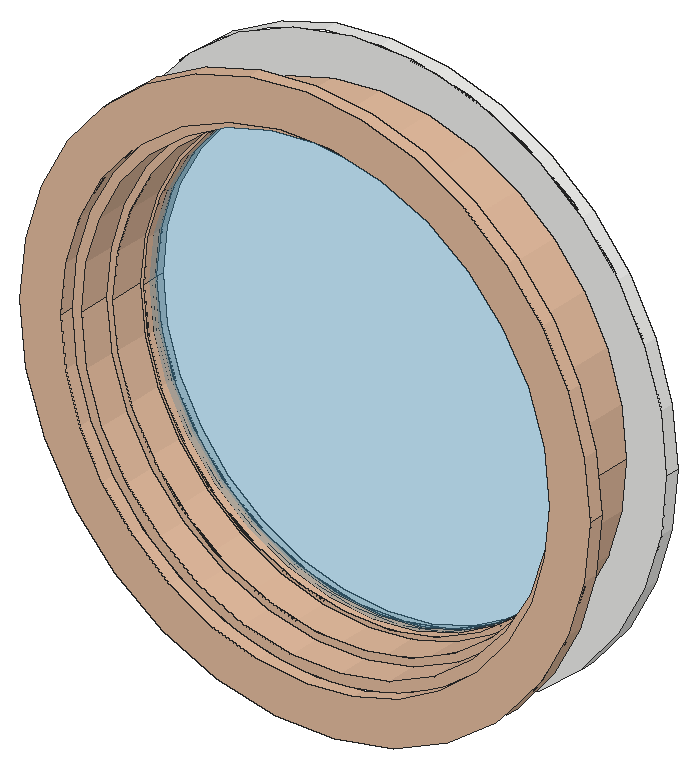
Revit family "60fcd531ddfe47b18093af795a5495bc", category Windows, host Wall, Revit 2021
Family settings
  Host = Wall
  OmniClass Number = 23.30.20.17.11
  OmniClass Title = Fixed Windows
  Always vertical = Yes
  Cut with Voids When Loaded = No
  Shared = No
  Room Calculation Point = No
Parameters (values of type "36" Diameter")
  Window Inset [instance] = 0' - 0"
  Wall Thickness [instance] = 0' - 6"
  Visual Light Transmittance = 0.81
  Thermal Resistance (R) = 1.8146 (h·ft²·°F)/BTU
  Solar Heat Gain Coefficient = 0.76
  Rough Width = Width + 0' 0 1/2"  # 3' - 0 1/2"
  Rough Height = Height + 0' 0 1/2"  # 3' - 0 1/2"
  Interior Wall Closure [instance] = 0' - 2 1/4"
  Interior Trim Material = Wood - Stained
  Glass Radius = Height / 2 - 0' 1 1/2"  # 1' - 4 1/2"
  Frame Radius = Height / 2 - 0' 0 1/2"  # 1' - 5 1/2"
  Interior Trim Visibility [instance] = yes
  Interior Trim = Trim-Window-Interior-Flat-Round : Picture Frame
  Interior Frame Material = Wood - Stained
  Half Height = Height / 2  # 1' - 6"
  Height = 3' - 0"
  Heat Transfer Coefficient (U) = 0.5511 BTU/(h·ft²·°F)
  Glass Panel Material = Glass
  Frame Extension [instance] = if(Exterior Trim Visibility, Window Inset + 0' 0 1/4", 0' 0 1/4")  # 0' - 0 1/4"
  Fire Rating = "0.5h"
  Exterior Wall Closure [instance] = 0' - 1 1/4"
  Exterior Trim Visibility [instance] = yes
  Exterior Trim Material = Clad - White
  Exterior Trim = Trim-Window-Exterior-Flat-Round : Picture Frame
  Exterior Frame Material = Clad - White
  Extension Jamb Visibility [instance] = and(Interior Trim Visibility, Wall Thickness - Window Inset > 0' 3 3/4")  # yes
  Extension Jamb [instance] = if(Wall Thickness - Window Inset > 0' 3 3/4", Wall Thickness - Window Inset - 0' 3 3/4", 0' 1")  # 0' - 2 1/4"
  Diameter = Width  # 3' - 0"
  Default Sill Height = 3' - 0"
  Wall Closure = By host
  Width = Height  # 3' - 0"
  Assembly Code = "B2020100"
  Analytic Construction = "Double glazing - domestic"
Types (7): name | Rough Width | Rough Height | Glass Radius | Frame Radius | Half Height | Height | Diameter | Width
  (no name) | 3' - 0 1/2" | 3' - 0 1/2" | 1' - 4 1/2" | 1' - 5 1/2" | 1' - 6" | 3' - 0" | 3' - 0" | 3' - 0"
  48" Diameter | 4' - 0 1/2" | 4' - 0 1/2" | 1' - 10 1/2" | 1' - 11 1/2" | 2' - 0" | 4' - 0" | 4' - 0" | 4' - 0"
  12" Diameter | 1' - 0 1/2" | 1' - 0 1/2" | 0' - 4 1/2" | 0' - 5 1/2" | 0' - 6" | 1' - 0" | 1' - 0" | 1' - 0"
  24" Diameter | 2' - 0 1/2" | 2' - 0 1/2" | 0' - 10 1/2" | 0' - 11 1/2" | 1' - 0" | 2' - 0" | 2' - 0" | 2' - 0"
  36" Diameter | 3' - 0 1/2" | 3' - 0 1/2" | 1' - 4 1/2" | 1' - 5 1/2" | 1' - 6" | 3' - 0" | 3' - 0" | 3' - 0"
  60" Diameter | 5' - 0 1/2" | 5' - 0 1/2" | 2' - 4 1/2" | 2' - 5 1/2" | 2' - 6" | 5' - 0" | 5' - 0" | 5' - 0"
  72" Diameter | 6' - 0 1/2" | 6' - 0 1/2" | 2' - 10 1/2" | 2' - 11 1/2" | 3' - 0" | 6' - 0" | 6' - 0" | 6' - 0"
Reference planes (in)
  plane 1 "Center (Front/Back)": y = 0
  plane 2 "Center (Left/Right)": x = 0
  plane 3 "Left": x = -18
  plane 4 "Right": x = 18
  plane 5 "Sill": z = 36
  plane 6 "Top": z = 72
  plane 7 "Exterior": y = 3
  plane 8 "Interior": y = -3
  plane 9: z = 0
  plane 10 "Middle": z = 54
  plane 11: y = -3.75
  plane 12 "Inset Face": y = 3
  plane 13 "Sash Face": y = 3.5
  plane 14: y = 2.75
  plane 15: z = 71.5
  plane 16: z = 70.75
  plane 17: y = 2.25
  plane 18 "Glass": y = 2.625
  plane 19: z = 70.5
  plane 20 "Jamb": y = -0.75
  plane 21: y = 2.5
  plane 22: z = 71.25
  plane 23: z = 33
  plane 24: z = 36.5
  plane 25: y = 1.5
  plane 26: z = 37.5
  plane 27 "Wall Closure": y = -0.75
  plane 28: y = 3.75
  plane 29: y = 1.75
  plane 30: y = -0.75
  plane 31: y = -0.75
  plane 32: y = 1.75
  plane 33: y = 3.75
Forms (in)
  Sweep 1, solid, material "Clad - White" <- "Exterior Frame Material"
    path origin (0, 3.5, 0) x (-1, 0, 0) y (0, 0, 1)
      loop
        circle (0, 54) r 17.5
    profile origin (0, 3.5, 71.5) x (0, 0, -1) y (0, 1, 0)
      loop
        line (0, 0) -> (0, -0.5) -> (1, -0.5) -> (1, 0) -> (0, 0)
  Extrusion 2, solid, material "Glass" <- "Glass Panel Material"
    sketch origin (0, 3.5, 0) x (-1, 0, 0) y (0, 0, 1)
      loop
        circle (0, 54) r 16.5
    from -0.75 to -0.5
  Sweep 3, solid, material "Wood - Stained" <- "Interior Frame Material"
    path origin (0, 3.5, 0) x (-1, 0, 0) y (0, 0, 1)
      loop
        circle (0, 54) r 18
    profile origin (0, 3.5, 72) x (0, 0, -1) y (0, 1, 0)
      loop
        line (0.5, 0.25) -> (0, 0.25) -> (0, -4.25) -> (1.25, -4.25) -> (1.25, -1.75) -> (0.5, -1.75) -> (0.5, 0.25)
  Sweep 4, solid, material "Wood - Stained" <- "Interior Frame Material", visible <- "Extension Jamb Visibility"
    path origin (0, 0, 0) x (1, 0, 0) y (0, 0, 1)
      loop
        circle (0, 54) r 18
    profile origin (0, 0, 72) x (0, 0, -1) y (0, -1, 0)
      loop
        line (0, 3) -> (0, 0.75) -> (0.75, 0.75) -> (0.75, 3) -> (0, 3)
  Extrusion 5, solid, material "Glass" <- "Glass Panel Material"
    sketch origin (0, 3.5, 0) x (-1, 0, 0) y (0, 0, 1)
      loop
        circle (0, 54) r 16.5
    from -1.25 to -1
  Sweep 6, solid, material "Wood - Stained" <- "Interior Frame Material"
    path origin (0, 3.5, 0) x (-1, 0, 0) y (0, 0, 1)
      loop
        circle (0, 54) r 17.5
    profile origin (0, 3.5, 71.5) x (0, 0, -1) y (0, 1, 0)
      loop
        line (1, -0.5) -> (0, -0.5) -> (0, -1.75) -> (1, -1.75) -> (1, -0.5)
Lines and regions (in)
  Opening 1
    outline origin (-90, -3, 0) x (1, 0, 0) y (0, 0, 1)
      loop
        circle (90, 54) r 18
Text (in)
  text "EXTERIOR" at (-60.25314, 23.47596, 0), in view "Ref. Level"
  text "INTERIOR" at (-59.52703, -17.27685, 0), in view "Ref. Level"
  text "Exterior" at (0, 47.2975, 123.29936), in view "Left"
  text "Exterior" at (0, 19.21628, 132.11189), in view "Right"
Dimensions and locks (in)
  equal spacing: plane 3 "Left", plane 2 "Center (Left/Right)", plane 4 "Right"
  "Width": plane 3 "Left" to plane 4 "Right"
  "Height": plane 5 "Sill" to plane 6 "Top"
  "Default Sill Height": level to plane 5 "Sill"
  "Wall Thickness": host wall to host wall
  locked: level to plane 9
  "Half Height": plane 5 "Sill" to plane 10 "Middle"
  level to host wall = 12' - 4.79497"
  locked: plane 13 "Sash Face" to plane 12 "Inset Face" at 0.5
  locked: plane 15 to plane 6 "Top" at 0.5
  locked: plane 16 to plane 6 "Top" at 1.25
  locked: plane 12 "Inset Face" to plane 17 at 0.75
  equal spacing: plane 12 "Inset Face", plane 18 "Glass", plane 17, locked at 0.375 each
  plane 12 "Inset Face" to plane 17 = 0' - 0 3/4"
  locked: plane 15 to plane 19 at 1
  "Extension Jamb": plane 20 "Jamb" to plane 8 "Interior"
  locked: plane 8 "Interior" to plane 11 at 0.75
  locked: plane 12 "Inset Face" to plane 14 at 0.25
  locked: plane 21 to plane 17 at 0.25
  locked: plane 22 to plane 6 "Top" at 0.75
  locked: plane 24 to plane 26 at 1
  locked: plane 28 to plane 7 "Exterior" at 0.75
  "Window Inset": plane 7 "Exterior" to plane 12 "Inset Face"
  locked: plane 12 "Inset Face" to plane 29 at 1.25
  locked: plane 29 to plane 30 at 2.5
  "Interior Wall Closure": plane 31 to plane 8 "Interior"
  "Exterior Wall Closure": plane 7 "Exterior" to plane 32
  "Frame Extension": plane 33 to plane 13 "Sash Face"
  "Height": diameter of Opening 1 sketch curve
  "Frame Radius": radius of Sweep 1 sketch curve
  "Glass Radius": radius of Extrusion 2 sketch curve
  "Half Height": radius of Sweep 3 sketch curve
  "Half Height": radius of Sweep 4 sketch curve
  "Glass Radius": radius of Extrusion 5 sketch curve
  "Frame Radius": radius of Sweep 6 sketch curve
  aligned and locked: plane 2 "Center (Left/Right)" to Opening 1 sketch curve
  aligned and locked: plane 10 "Middle" to Opening 1 sketch curve
  aligned and locked: plane 10 "Middle" to Sweep 1 sketch curve
  aligned and locked: plane 13 "Sash Face" to Sweep 1
  aligned and locked: host wall to plane 8 "Interior"
  aligned and locked: plane 10 "Middle" to Extrusion 2 sketch curve
  aligned and locked: plane 14 to Extrusion 2
  aligned and locked: plane 12 "Inset Face" to Extrusion 2
  aligned and locked: plane 10 "Middle" to Sweep 3 sketch curve
  aligned and locked: plane 10 "Middle" to Sweep 4 sketch curve
  aligned and locked: plane 20 "Jamb" to Sweep 4 sketch curve
  aligned and locked: Sweep 4 sketch curve to plane 8 "Interior"
  aligned and locked: Sweep 4 sketch curve to plane 6 "Top"
  aligned and locked: plane 21 to Extrusion 5
  aligned and locked: Extrusion 5 to plane 17
  aligned and locked: profile plane to Sweep 1 sketch curve
  aligned and locked: Sweep 1 sketch curve to profile plane
  aligned and locked: plane 12 "Inset Face" to Sweep 1 sketch curve
  aligned and locked: plane 19 to Sweep 1 sketch curve
  aligned and locked: plane 2 "Center (Left/Right)" to Sweep 6 sketch curve
  aligned and locked: plane 10 "Middle" to Sweep 6 sketch curve
  aligned and locked: host wall to plane 7 "Exterior"
  aligned and locked: Sweep 6 sketch curve to plane 12 "Inset Face"
  aligned and locked: Sweep 6 sketch curve to plane 15
  aligned and locked: plane 29 to Sweep 6 sketch curve
  aligned and locked: plane 19 to Sweep 6 sketch curve
  aligned and locked: Sweep 3 sketch curve to plane 29
  aligned and locked: plane 6 "Top" to Sweep 3 sketch curve
  aligned and locked: plane 30 to Sweep 3 sketch curve
  aligned and locked: plane 16 to Sweep 3 sketch curve
  aligned and locked: nested 1 to host wall
  aligned and locked: host wall to plane 1 "Center (Front/Back)"
  aligned and locked: plane 27 "Wall Closure" to plane 30
  aligned and locked: nested 1 to plane 6 "Top"
  aligned and locked: plane 6 "Top" to nested 2
  aligned and locked: nested 2 to plane 2 "Center (Left/Right)"
  aligned and locked: plane 6 "Top" to nested 3
  aligned and locked: plane 2 "Center (Left/Right)" to nested 3
  aligned and locked: plane 33 to Sweep 3 sketch curve
Automatic sketch dimensions
  Sweep 4 sketch curve to Sweep 4 sketch curve = 0' - 0 3/4"
  Sweep 3 sketch curve to profile plane = 0' - 0 1/2"
  Sweep 1 sketch curve to plane 2 "Center (Left/Right)" = 0' - 0"
  Extrusion 2 sketch curve to plane 2 "Center (Left/Right)" = 0' - 0"
  Sweep 3 sketch curve to plane 2 "Center (Left/Right)" = 0' - 0"
  Sweep 4 sketch curve to plane 2 "Center (Left/Right)" = 0' - 0"
  Extrusion 5 sketch curve to plane 2 "Center (Left/Right)" = 0' - 0"
  Extrusion 5 sketch curve to plane 10 "Middle" = 0' - 0"
Nested families (in)
  nested 1: "Plan-Fixed" at (0, 3, 36), Width <- "Width", Wall Thickness <- "Wall Thickness", Window Inset <- "Window Inset", Height <- "Height", type "Plan-Fixed"
    with Window Inset of 3D 0' - 0", Window Inset 0' - 0", Width 3' - 0", Wall Thickness 0' - 6", Height 3' - 0"
  nested 2: "Trim-Window-Exterior-Flat-Round" at (0, 3, 72) x (-1, 0, 0) z (0, 1, 0), visible <- "Exterior Trim Visibility", Trim Material <- "Exterior Trim Material", Opening Height <- "Height", type <- "Exterior Trim", type "Picture Frame"
    with Trim Material Clad - White, Opening Width 3' - 0", Opening Height 3' - 0", Diameter 3' - 0"
  nested 3: "Trim-Window-Interior-Flat-Round" at (0, -3, 72) x (1, 0, 0) z (0, -1, 0), visible <- "Interior Trim Visibility", Trim Material <- "Interior Trim Material", Opening Height <- "Height", type <- "Interior Trim", type "Picture Frame"
    with Trim Material Wood - Stained, Opening Width 3' - 0", Opening Height 3' - 0", Diameter 3' - 0"
Definition of nested family "Trim-Window-Exterior-Flat-Round"
  Parameters (values of type "Picture Frame")
    Trim Thickness = 0' - 1"
    Trim Width = 0' - 3"
    Trim Material [instance] = none
    Opening Width [instance] = Opening Height  # 2' - 0"
    Opening Height [instance] = 2' - 0"
    Diameter [instance] = Opening Height  # 2' - 0"
    Default Elevation = 4' - 0"
  Reference planes (in)
    plane 1 "Center (Front/Back)": y = 0
    plane 2: z = 0
    plane 3 "Center (Left/Right)": x = 0
    plane 4 "Left": x = -12
    plane 5 "Right": x = 12
    plane 6: y = -24
    plane 7: z = 0.75
    plane 8: z = 1
    plane 9: z = 0.5
    plane 10: y = -12
    plane 11: z = 1
  Forms (in)
    Extrusion 1, solid
      sketch origin (0, 0.75, 0) x (1, 0, 0) y (0, 1, 0)
        loop
          line (-37, 23.25) -> (-37, -43.37866) -> (37.4546, -43.37866) -> (37.4546, 23.25) -> (-37, 23.25)
      from 0 to -12
    Extrusion 2, solid, material <- "Trim Material"
      sketch origin (0, 0, 0) x (1, 0, 0) y (0, 1, 0)
        loop
          circle (0, -12) r 12
        loop
          circle (0, -12) r 15
      from 0 to 1
  Dimensions and locks (in)
    equal spacing: plane 4 "Left", plane 3 "Center (Left/Right)", plane 5 "Right"
    "Opening Width": plane 4 "Left" to plane 5 "Right"
    locked: plane 7 to plane 2 at 0.75
    "Trim Thickness": plane 8 to plane 2
    "Opening Height": plane 6 to plane 1 "Center (Front/Back)"
    "Trim Width": plane 5 "Right" to Extrusion 2 sketch curve
    "Trim Thickness": plane 11 to level
    equal spacing: plane 6, plane 10, plane 1 "Center (Front/Back)"
    "Diameter": diameter of Extrusion 2 sketch curve
    aligned and locked: plane 2 to Extrusion 1
    aligned and locked: level to Extrusion 1
    aligned and locked: plane 10 to Extrusion 2 sketch curve  (x2)
    aligned and locked: plane 3 "Center (Left/Right)" to Extrusion 2 sketch curve
    aligned and locked: plane 11 to Extrusion 2
  Automatic sketch dimensions
    Extrusion 1 sketch curve to Extrusion 1 sketch curve = 6' - 2.4546"
    Extrusion 1 sketch curve to Extrusion 1 sketch curve = 5' - 6.62866"
    Extrusion 2 sketch curve to Extrusion 2 sketch curve = 0' - 0"
Definition of nested family "Trim-Window-Interior-Flat-Round"
  Parameters (values of type "Picture Frame")
    Trim Thickness = 0' - 1"
    Trim Width = 0' - 3"
    Trim Material [instance] = none
    Opening Width [instance] = Opening Height  # 2' - 0"
    Opening Height [instance] = 2' - 0"
    Diameter [instance] = Opening Height  # 2' - 0"
    Default Elevation = 4' - 0"
  Reference planes (in)
    plane 1 "Center (Front/Back)": y = 0
    plane 2: z = 0
    plane 3 "Center (Left/Right)": x = 0
    plane 4 "Left": x = -12
    plane 5 "Right": x = 12
    plane 6: y = -24
    plane 7: z = 0.75
    plane 8: z = 1
    plane 9: z = 0.5
    plane 10: y = -12
    plane 11: z = 1
  Forms (in)
    Extrusion 1, solid
      sketch origin (0, 0.75, 0) x (1, 0, 0) y (0, 1, 0)
        loop
          line (-37, 23.25) -> (-37, -43.37866) -> (37.4546, -43.37866) -> (37.4546, 23.25) -> (-37, 23.25)
      from 0 to -12
    Extrusion 2, solid, material <- "Trim Material"
      sketch origin (0, 0, 0) x (1, 0, 0) y (0, 1, 0)
        loop
          circle (0, -12) r 12
        loop
          circle (0, -12) r 15
      from 0 to 1
  Dimensions and locks (in)
    equal spacing: plane 4 "Left", plane 3 "Center (Left/Right)", plane 5 "Right"
    "Opening Width": plane 4 "Left" to plane 5 "Right"
    locked: plane 7 to plane 2 at 0.75
    "Trim Thickness": plane 8 to plane 2
    equal spacing: plane 6, plane 10, plane 1 "Center (Front/Back)"
    "Opening Height": plane 6 to plane 1 "Center (Front/Back)"
    "Trim Thickness": plane 11 to level
    "Trim Width": plane 5 "Right" to Extrusion 2 sketch curve
    "Diameter": diameter of Extrusion 2 sketch curve
    aligned and locked: plane 2 to Extrusion 1
    aligned and locked: level to Extrusion 1
    aligned and locked: plane 10 to Extrusion 2 sketch curve  (x2)
    aligned and locked: plane 3 "Center (Left/Right)" to Extrusion 2 sketch curve
    aligned and locked: plane 11 to Extrusion 2
  Automatic sketch dimensions
    Extrusion 1 sketch curve to Extrusion 1 sketch curve = 6' - 2.4546"
    Extrusion 1 sketch curve to Extrusion 1 sketch curve = 5' - 6.62866"
    Extrusion 2 sketch curve to Extrusion 2 sketch curve = 0' - 0"
Definition of nested family "Plan-Fixed"
  Parameters (values of type "Plan-Fixed")
    Window Inset [instance] = 0' - 1"
    Window Inset of 3D [instance] = if(Window Inset - 0' 0 1/2" < 0' 0", 0' 0", if(Window Inset - 0' 0 1/2" < Wall Thickness - 0' 3 1/2", Window Inset - 0' 0 1/2", Wall Thickness - 0' 3 1/2"))  # 0' - 0 1/2"
    Width [instance] = 4' - 0"
    Wall Thickness [instance] = 0' - 6"
    Height [instance] = 3' - 0"
    Default Elevation = 4' - 0"
    Analytic Construction = "<None>"
  Reference planes (in)
    plane 1 "Center (Front/Back)": y = 0
    plane 2: z = 0
    plane 3 "Center (Left/Right)": x = 0
    plane 4: x = -24
    plane 5: x = 24
    plane 6 "Jamb": y = -4
    plane 7: x = -23.5
    plane 8: x = -22.75
    plane 9: y = -0.5
    plane 10: y = -2.25
    plane 11: y = -1.375
    plane 12: x = -22.5
    plane 13: x = 23.5
    plane 14: x = 22.75
    plane 15: x = 22.5
    plane 16 "Window Inset": y = -1
    plane 17 "Wall": y = -6
    plane 18: z = 36
    plane 19: z = 35.5
    plane 20: z = 0.5
    plane 21: z = 34.75
    plane 22: z = 1.25
    plane 23: z = 34.5
    plane 24: z = 1.5
  Lines and regions (in)
    Masking region 1
      outline origin (0, 0.75, 0) x (1, 0, 0) y (0, 1, 0)
        loop
          line (-24, -6.75) -> (24, -6.75) -> (24, -0.75) -> (-24, -0.75) -> (-24, -6.75)
    Masking region 2
      outline origin (0, 0, 0) x (0, 1, 0) y (0, 0, 1)
        loop
          line (-6, 36) -> (-6, 0) -> (0, 0) -> (0, 36) -> (-6, 36)
    symbolic lines
      curve 1: line (-23.5, -2.25, 0) -> (-22.75, -2.25, 0)
      curve 2: line (-22.75, -2.25, 0) -> (-22.75, -4, 0)
      curve 3: line (-23.5, -0.5, 0) -> (-23.5, -2.25, 0)
      curve 4: line (-24, -0.5, 0) -> (-22.5, -0.5, 0)
      curve 5: line (-22.5, -0.5, 0) -> (-22.5, -2.25, 0)
      curve 6: line (-22.5, -2.25, 0) -> (-22.75, -2.25, 0)
      curve 7: line (-22.5, -1.375, 0) -> (22.5, -1.375, 0)
      curve 8: line (23.5, -2.25, 0) -> (22.75, -2.25, 0)
      curve 9: line (22.75, -2.25, 0) -> (22.75, -4, 0)
      curve 10: line (23.5, -0.5, 0) -> (23.5, -2.25, 0)
      curve 11: line (22.5, -0.5, 0) -> (22.5, -2.25, 0)
      curve 12: line (22.5, -2.25, 0) -> (22.75, -2.25, 0)
      curve 13: line (-24, -4, 0) -> (-22.75, -4, 0)
      curve 14: line (22.75, -4, 0) -> (24, -4, 0)
      curve 15: line (0, -0.5, 35.5) -> (0, -2.25, 35.5)
      curve 16: line (0, -2.25, 34.75) -> (0, -4, 34.75)
      curve 17: line (0, -4, 0) -> (0, -4, 1.25)
      curve 18: line (0, -0.5, 0.5) -> (0, -2.25, 0.5)
      curve 19: line (0, -2.25, 0.5) -> (0, -2.25, 1.5)
      curve 20: line (0, -2.25, 1.25) -> (0, -4, 1.25)
      curve 21: line (0, -0.5, 36) -> (0, -0.5, 34.5)
      curve 22: line (0, -0.5, 34.5) -> (0, -2.25, 34.5)
      curve 23: line (0, -2.25, 1.5) -> (0, -0.5, 1.5)
      curve 24: line (0, -1.375, 1.5) -> (0, -1.375, 34.5)
      curve 25: line (0, -2.25, 35.5) -> (0, -2.25, 34.5)
      curve 26: line (22.5, -0.5, 0) -> (24, -0.5, 0)
      curve 27: line (0, -4, 34.75) -> (0, -4, 36)
      curve 28: line (0, -0.5, 1.5) -> (0, -0.5, 0)
      curve 29: line (-22.5, -0.5, 0) -> (22.5, -0.5, 0)
      curve 30: line (22.75, -4, 0) -> (-22.75, -4, 0)
      curve 31: line (0, -0.5, 34.5) -> (0, -0.5, 1.5)
      curve 32: line (0, -4, 1.25) -> (0, -4, 34.75)
  Dimensions and locks (in)
    "Width": plane 4 to plane 5
    equal spacing: plane 4, plane 3 "Center (Left/Right)", plane 5
    plane 4 to plane 7 to plane 8 = 0' - 0 1/2" locked, 0' - 0 3/4" locked
    equal spacing: plane 9, plane 11, plane 10
    plane 5 to plane 13 to plane 14 = 0' - 0 1/2" locked, 0' - 0 3/4" locked
    locked: plane 9 to plane 16 "Window Inset" at 0.5
    locked: plane 9 to plane 10 at 1.75
    "Wall Thickness": plane 17 "Wall" to plane 1 "Center (Front/Back)"
    "Height": plane 18 to plane 2
    locked: plane 18 to plane 19 at 0.5
    locked: plane 20 to plane 2 at 0.5
    locked: plane 19 to plane 21 at 0.75
    locked: plane 22 to plane 20 at 0.75
    locked: plane 10 to plane 6 "Jamb" at 1.75
    "Window Inset of 3D": plane 9 to plane 1 "Center (Front/Back)"
    locked: plane 7 to plane 12 at 1
    locked: plane 15 to plane 13 at 1
    locked: plane 19 to plane 23 at 1
    locked: plane 24 to plane 20 at 1
    aligned and locked: plane 2 to level
    aligned and locked: curve 2 to plane 8
    aligned and locked: curve 1 to plane 10
    aligned and locked: plane 4 to Masking region 1 sketch curve
    aligned and locked: Masking region 1 sketch curve to plane 5
    aligned and locked: plane 14 to curve 9
    aligned and locked: Masking region 1 sketch curve to plane 17 "Wall"
    aligned and locked: curve 13 to plane 6 "Jamb"
    aligned and locked: curve 14 to plane 6 "Jamb"
    aligned and locked: plane 1 "Center (Front/Back)" to Masking region 1 sketch curve
    aligned and locked: Masking region 2 sketch curve to plane 18
    aligned and locked: plane 17 "Wall" to Masking region 2 sketch curve
    aligned and locked: level to Masking region 2 sketch curve
    aligned and locked: plane 6 "Jamb" to curve 17
    aligned and locked: plane 21 to curve 16
    aligned and locked: plane 19 to curve 15
    aligned and locked: plane 22 to curve 20
    aligned and locked: plane 10 to curve 19  (x2)
    aligned and locked: plane 20 to curve 18
    aligned and locked: curve 21 to plane 9
    aligned and locked: plane 23 to curve 22
    aligned and locked: curve 23 to plane 24
    aligned and locked: plane 11 to curve 24
    aligned and locked: plane 4 to curve 4
    aligned and locked: plane 5 to curve 26
    aligned and locked: plane 18 to curve 21
    aligned and locked: plane 9 to curve 15
    aligned and locked: plane 9 to curve 18
    aligned and locked: plane 2 to curve 28
    aligned and locked: plane 9 to curve 3
    aligned and locked: plane 9 to curve 10
    aligned and locked: curve 25 to plane 10
    aligned and locked: plane 19 to curve 25
    aligned and locked: plane 23 to curve 25
    aligned and locked: plane 2 to curve 17
    aligned and locked: curve 26 to plane 9
    aligned and locked: curve 4 to plane 9
    aligned and locked: curve 5 to plane 12
    aligned and locked: plane 15 to curve 11
    aligned and locked: curve 7 to plane 11
    aligned and locked: curve 12 to plane 10
    aligned and locked: plane 10 to curve 8
    aligned and locked: plane 6 "Jamb" to curve 27
  Automatic sketch dimensions
    Masking region 2 sketch curve to plane 1 "Center (Front/Back)" = 0' - 0"
    curve 13 to plane 4 = 0' - 0"
    curve 3 to plane 7 = 0' - 0"
    curve 10 to plane 13 = 0' - 0"
    curve 14 to plane 5 = 0' - 0"
    curve 18 to plane 20 = 0' - 0"
    curve 27 to plane 18 = 0' - 0"
